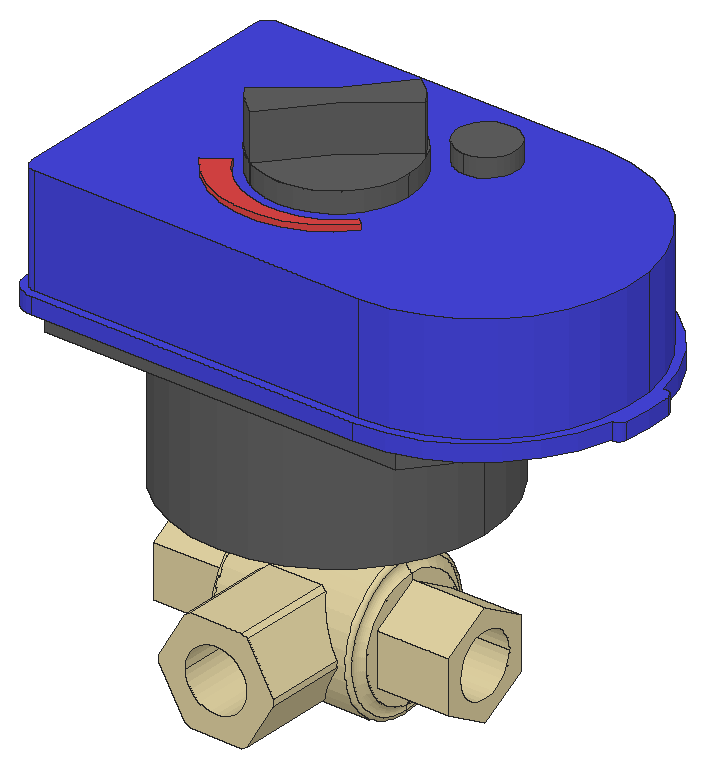
Revit family "QD34710000", category Apparecchi idraulici, Revit 2020
Family settings
  Quota connettore circolare = Usa diametro
  Tipo di parte = Normale
  Numero OmniClass = 23.45.00.00
  Titolo OmniClass = Sanitary, Laundry, and Cleaning Equipment
  Basato su piano di lavoro = No
  Sempre verticale = Sì
  Taglio con vuoti quando caricato = No
  Condiviso = No
  Punto di calcolo locali = No
Parameters
  URL = "https://web.cimberio.com/index.php/figura/1107?subcategoria_id=20"
  Temperatura di esercizio = "-10 ÷ 95°C"
  Prospetto di default = 0 mm
  Produttore = "CIMBERIO SPA"
  Pressione nominale = "PN 16"
  Modello = "Cim 681"
  Materiale = "Prodotto in lega di ottone conforme alla norma EN 12165-CW617N-DW."
  Descrizione = "Utilizzato nei più svariati settori dell'impiantistica: impianti di riscaldamento, condizionamento, idrici, igienico-sanitari e in generale con ogni fluido non corrosivo.\r\nParticolarmente indicato come valvola  per la regolazione e contabilizzazione di impianti di riscaldamento singoli o a zone, impianti con utilizzazione di energie alternative, impianti con fluidi caldi o freddi e impianti di automazione in genere."
  DN Model [instance] = QD34711015 : QD34711015
  DN [instance] = 15 mm
  Commenti sul tipo = "Realizzato in ottemperanza ai requisiti gestionali della norma EN ISO 9001.\r\nCollaudato al 100% secondo la normativa EN 12266-1"
Reference planes
  plane 1 "Centro (Fronte/Retro)": y = 0
  plane 2: z = 0
  plane 3 "Centro (Sinistra/Destra)": x = 0
Dimensions and locks
  aligned and locked: level to plane 2
Nested families
  nested 1: "QD34711015" at (0, 0, 0), type <- "DN Model", type "QD34711015"
  nested 2: "QD34711015" at (0, 0, 0), type <- "DN Model", type "QD34711015"
  nested 3: "QD34711015" at (0, 0, 0), type <- "DN Model", type "QD34711015"
Connectors
  piping at (0, -36.468, 0), diameter 15, driven by "DN"
    settings: on nested 1, index 1, connector inside diameter 609.6 mm, connector length 0 mm, flow factor 0, pipe flow 0.0 L/s, pressure drop 0.0 Pa, fitting loss kfactor 0, connector angle 0.00°, fixture units 0, engagement length 0 mm, angle of deflection 0.00°, flow configuration 0, flow direction 0, fitting loss method 0, system type 7, joint type 0, gender type 0, connector reference index -1, connector utility 0, adjustable connector no, is connector primary yes, connector description ""
  piping at (36.053, 0, 0), diameter 15, driven by "DN"
    settings: on nested 1, index 2, connector inside diameter 609.6 mm, connector length 0 mm, flow factor 0, pipe flow 0.0 L/s, pressure drop 0.0 Pa, fitting loss kfactor 0, connector angle 0.00°, fixture units 0, engagement length 0 mm, angle of deflection 0.00°, flow configuration 0, flow direction 0, fitting loss method 0, system type 7, joint type 0, gender type 0, connector reference index -1, connector utility 0, adjustable connector no, is connector primary no, connector description ""
  piping at (-35.787, 0, 0), diameter 15, driven by "DN"
    settings: on nested 1, index 3, connector inside diameter 609.6 mm, connector length 0 mm, flow factor 0, pipe flow 0.0 L/s, pressure drop 0.0 Pa, fitting loss kfactor 0, connector angle 0.00°, fixture units 0, engagement length 0 mm, angle of deflection 0.00°, flow configuration 0, flow direction 0, fitting loss method 0, system type 7, joint type 0, gender type 0, connector reference index -1, connector utility 0, adjustable connector no, is connector primary no, connector description ""
Definition of nested family "QD34711015"
  Parameters (values of type "QD34711015")
    URL = "https://web.cimberio.it/index.php/figura/394?subcategoria_id="
    Temperatura di esercizio = "-10 ÷ 95°C"
    Default Elevation = 0 mm
    Manufacturer = "CIMBERIO SPA"
    Pressione nominale = "PN 16"
    Model = "Cim 32"
    Materiale = "Prodotto in lega di ottone conforme alla norma EN 12165-CW617N-DW"
    Description = "Impiegato nei più svariati settori dell'impiantistica in condutture anti-ritorno per: reti di distribuzione acqua potabile, impianti di riscaldamento, condizionamento, igienico-sanitari e in generale con ogni fluido non corrosivo."
    DN [instance] = 50 mm
    Type Comments = "Realizzato in ottemperanza ai requisiti gestionali della norma EN ISO 9001.\r\nCollaudato al 100% secondo la normativa EN 12266-1"
  Reference planes
    plane 1 "Centro (Fronte/Retro)": y = 0
    plane 2: z = 0
    plane 3 "Centro (Sinistra/Destra)": x = 0
    plane 4: y = 17.532
    plane 5: y = -36.468
  Forms (mm)
    Revolve 1, solid
      sketch origin (51.589, 0, -3.5) x (-1, 0, 0) y (0, 0, -1)
        loop
          arc (35.589, 14) -> (34.882, 13.707) -> (34.589, 13) r 1
          arc (34.589, 13) -> (34.343, 11.448) -> (33.089, 10.5) r 2.103
          line (33.089, 10.5) -> (33.089, 4) -> (70.089, 4) -> (70.089, 10.5)
          arc (70.089, 10.5) -> (68.993, 11.542) -> (68.589, 13) r 2.833
          arc (68.589, 13) -> (68.296, 13.707) -> (67.589, 14) r 1
          line (67.589, 14) -> (35.589, 14)
        axis (70.089, -3.5) -> (33.089, -3.5)
      angle from 0 to 360
    Extrusion 2, solid
      sketch origin (0, 0, 0) x (0, 1, 0) y (0, 0, 1)
        loop
          circle (0, 0) r 7.5
        loop
          line (0, 12.5) -> (-10.825, 6.25) -> (-10.825, -6.25) -> (0, -12.5) -> (10.825, -6.25) -> (10.825, 6.25) -> (0, 12.5)
      from -35.787 to -18
    Revolve 3, solid
      sketch origin (51.589, 0, -3.5) x (-1, 0, 0) y (0, 0, -1)
        loop
          line (62.339, -39.814) -> (62.339, -9.295) -> (51.589, -9.295) -> (51.589, -39.814) -> (62.339, -39.814)
        axis (51.589, -39.814) -> (51.589, -9.295)
      angle from 0 to 360
    Revolve 4, solid
      sketch origin (35.5, 0, 95.039) x (-1, 0, 0) y (0, 0, -1)
        loop
          line (71.631, 66.539) -> (35.5, 66.539) -> (35.5, 33.326) -> (71.631, 33.326) -> (71.631, 66.539)
        axis (35.5, 33.326) -> (35.5, 66.539)
      angle from 0 to 360
    Extrusion 5, solid
      sketch origin (35.5, -10.25, 97.703) x (-1, 0, 0) y (0, 0, -1)
        loop
          line (54.947, 66.539) -> (54.947, 73.202)
          spline (54.947, 73.202) -> (54.938, 73.333) -> (54.913, 73.461) -> (54.871, 73.585) -> (54.813, 73.703) -> (54.74, 73.811) -> (54.654, 73.91) -> (54.556, 73.996) -> (54.447, 74.069) -> (54.33, 74.127) -> (54.206, 74.169) -> (54.078, 74.194) -> (53.947, 74.203)
          line (53.947, 74.203) -> (17.053, 74.203)
          spline (17.053, 74.203) -> (16.922, 74.194) -> (16.794, 74.169) -> (16.67, 74.127) -> (16.553, 74.069) -> (16.444, 73.996) -> (16.346, 73.91) -> (16.26, 73.811) -> (16.187, 73.703) -> (16.129, 73.585) -> (16.087, 73.461) -> (16.062, 73.333) -> (16.053, 73.202)
          line (16.053, 73.202) -> (16.053, 66.539) -> (54.947, 66.539)
      from 1.874 to -22.374
    Extrusion 6, solid
      sketch origin (0, 0, 62) x (1, 0, 0) y (0, 1, 0)
        loop
          line (-49.032, 33.243) -> (-49.032, -32.757)
          arc (-49.032, -32.757) -> (-47.273, -36.997) -> (-43.032, -38.754) r 6
          line (-43.032, -38.754) -> (34.908, -38.754)
          arc (34.908, -38.754) -> (59.508, -30.016) -> (73.086, -7.72) r 39
          arc (73.086, -7.72) -> (74.609, -7.386) -> (75.43, -6.061) r 2
          arc (75.43, -6.061) -> (75.918, 0.246) -> (75.43, 6.554) r 41.01
          arc (75.43, 6.554) -> (74.609, 7.879) -> (73.086, 8.212) r 2
          arc (73.086, 8.212) -> (59.508, 30.509) -> (34.908, 39.246) r 39
          line (34.908, 39.246) -> (-43.032, 39.246)
          arc (-43.032, 39.246) -> (-47.276, 37.488) -> (-49.032, 33.243) r 6
      from 7.5 to 3.5
    Extrusion 7, solid
      sketch origin (-37.361, 0, 95.6) x (1, 0, 0) y (0, 1, 0)
        loop
          line (72.27, 37.211) -> (-6.599, 37.211)
          arc (-6.599, 37.211) -> (-8.746, 36.322) -> (-9.635, 34.175) r 3.037
          line (-9.635, 34.175) -> (-9.635, -33.68)
          arc (-9.635, -33.68) -> (-8.745, -35.829) -> (-6.597, -36.719) r 3.038
          line (-6.597, -36.719) -> (72.27, -36.719)
          arc (72.27, -36.719) -> (100.31, -23.84) -> (108.812, 5.822) r 36.965
          arc (108.812, 5.822) -> (96.356, 28.287) -> (72.27, 37.211) r 36.965
      from -26.1 to 0
    Extrusion 8, solid
      sketch origin (-37.361, 0, 136.097) x (1, 0, 0) y (0, 1, 0)
        loop
          line (-4.039, 37.211) -> (-4.039, -36.719) -> (81.261, -36.719)
          arc (81.261, -36.719) -> (96.507, 0.246) -> (81.261, 37.211) r 52.437
          line (81.261, 37.211) -> (-4.039, 37.211)
      from -74.6 to -70.597
    Extrusion 9, solid
      sketch origin (-37.361, 0, 95.6) x (1, 0, 0) y (0, 1, 0)
        loop
          circle (37.361, 0) r 17.716
      from 0 to 4.856
    Extrusion 10, solid
      sketch origin (-37.361, 0, 95.6) x (1, 0, 0) y (0, 1, 0)
        loop
          circle (57.768, 20.284) r 7
      from 0 to 4.4
    Extrusion 11, solid
      sketch origin (-37.361, 0, 95.6) x (1, 0, 0) y (0, 1, 0)
        loop
          line (21.289, -11.405) -> (15.964, -15.133)
          arc (15.964, -15.133) -> (35.756, -25.462) -> (55.91, -15.858) r 25
          line (55.91, -15.858) -> (54.378, -14.572)
          arc (54.378, -14.572) -> (36.988, -21.823) -> (21.289, -11.405) r 20
      from 0 to 1.4
    Extrusion 12, solid
      sketch origin (-37.361, 0, 95.6) x (1, 0, 0) y (0, 1, 0)
        loop
          arc (22.16, -8.848) -> (24.965, -12.52) -> (28.637, -15.324) r 17.4
          arc (28.637, -15.324) -> (39.39, -2.337) -> (52.376, 8.416) r 90
          arc (52.376, 8.416) -> (49.572, 12.088) -> (45.9, 14.892) r 17.4
          arc (45.9, 14.892) -> (35.147, 1.905) -> (22.16, -8.848) r 90
      from 0 to 15.9
    Extrusion 13, solid
      sketch origin (0, 0, 0) x (1, 0, 0) y (0, 0, 1)
        loop
          arc (-6.305, 12.5) -> (-7, 12.124) -> (-7.673, 11.71) r 14
          line (-7.673, 11.71) -> (-13.978, 0.79)
          arc (-13.978, 0.79) -> (-14, 0) -> (-13.978, -0.79) r 14
          line (-13.978, -0.79) -> (-7.673, -11.71)
          arc (-7.673, -11.71) -> (-7, -12.124) -> (-6.305, -12.5) r 14
          line (-6.305, -12.5) -> (6.305, -12.5)
          arc (6.305, -12.5) -> (7, -12.124) -> (7.673, -11.71) r 14
          line (7.673, -11.71) -> (13.978, -0.79)
          arc (13.978, -0.79) -> (14, 0) -> (13.978, 0.79) r 14
          line (13.978, 0.79) -> (7.673, 11.71)
          arc (7.673, 11.71) -> (7, 12.124) -> (6.305, 12.5) r 14
          line (6.305, 12.5) -> (-6.305, 12.5)
        loop
          circle (0, 0) r 7.5
      from 7.792 to 36.468
    Extrusion 14, solid
      sketch origin (0, 0, 0) x (0, 1, 0) y (0, 0, -1)
        loop
          circle (0, 0) r 7.5
        loop
          line (0, -12.5) -> (10.825, -6.25) -> (10.825, 6.25) -> (0, 12.5) -> (-10.825, 6.25) -> (-10.825, -6.25) -> (0, -12.5)
      from -36.053 to -18
  Dimensions and locks
    aligned and locked: level to plane 2
